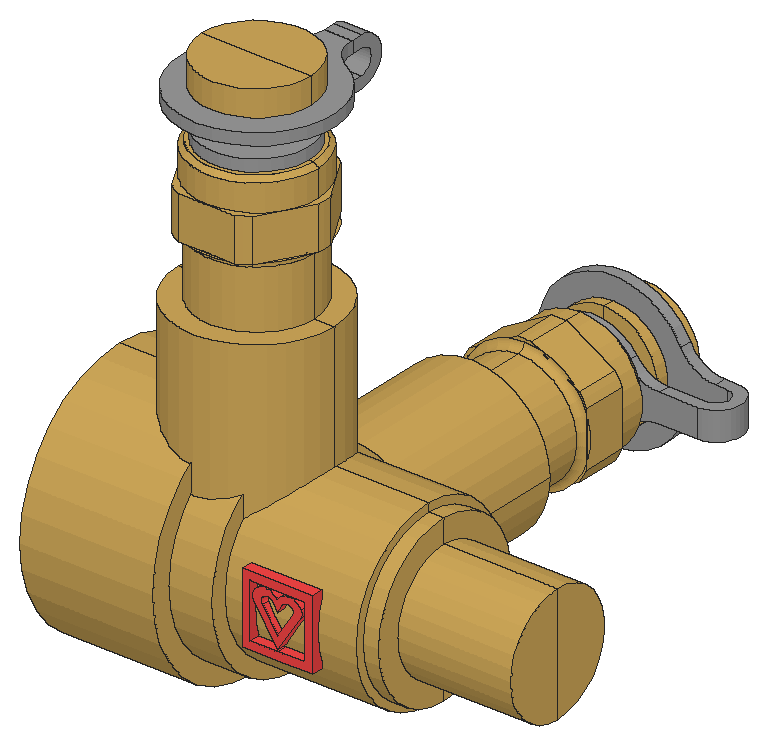
Revit family "HERZ Metering Station 4000_LF_MF", category Rohrzubehör, Revit 2019
Family settings
  Bemaßung runder Anschluss = Durchmesser verwenden
  Teiletyp = Unterbricht
  OmniClass-Nummer = 23.65.55.14
  OmniClass-Titel = Valves for Liquid Services
  Arbeitsebenenbasiert = Nein
  Immer vertikal = Ja
  Beim Laden mit Abzugskörper schneiden = Nein
  Gemeinsam genutzt = Nein
Parameters (values of type "MF")
  kvs-value [instance] = if(and(LF, Nennweite = 15.00 mm), 0.55, if(and(MF, Nennweite = 15.00 mm), 1.1, 0))  # 1.1
  URL = "www.herzvalves.com"
  SCRNSEQ = "AWI;AWI_TYP=\"1001\";02"
  SCRNCODE = "02;01;02"  # constant formula
  S03 = 10.00 mm  # constant formula
  S02 [instance] = S01 - 10.00 mm  # 17.50 mm
  S01 [instance] = H01  # 27.50 mm
  R01 [instance] = 10.00 mm  # constant formula
  Part number [instance] = if(and(LF, Nennweite = 15.00 mm), 1400011, if(and(MF, Nennweite = 15.00 mm), 1400021, 0))  # 1400021
  Nennweite [instance] = 15.00 mm  # constant formula
  Test point = "brass, CW602N"  # constant formula
  Model = "The metering station made of DZR brass has two measuring valves.\r\nAccording to EN 10226, the inlet has an internal thread Rp and the outlet an external thread R."
  Min. operating temperature = -20 °C  # constant formula
  Medium = "Water purity in accordance with the OeNORM H5195 and VDI 2035 standards.\r\nEthylene and propylene glycol can be mixed to a ratio of 25 - 50 vol. %."
  Max. operating pressure = 2000000.0 Pa  # constant formula
  Max. operating temperature (until DN32) = 130 °C  # constant formula
  Max. operating temperature (from DN40) = 110 °C  # constant formula
  MF = yes
  LO01 [instance] = 30.00 mm  # constant formula
  LF = no
  L05 [instance] = 23.00 mm  # constant formula
  L04 [instance] = 16.50 mm  # constant formula
  L03 [instance] = 22.60 mm  # constant formula
  L02 [instance] = 17.00 mm  # constant formula
  L01 [instance] = 17.50 mm  # constant formula
  L00 [instance] = 56.00 mm  # constant formula
  IG [instance] = Nennweite / 2  # 7.50 mm
  Hersteller = "HERZ Armaturen Ges.m.b.H."  # constant formula
  H01 [instance] = 27.50 mm  # constant formula
  GT1 [instance] = 14.50 mm  # constant formula
  GT [instance] = 13.00 mm  # constant formula
  D04 [instance] = D03 - 1.00 mm  # 10.50 mm
  D03 [instance] = 11.50 mm  # constant formula
  D02 [instance] = 13.50 mm  # constant formula
  D01 [instance] = 16.00 mm  # constant formula
  Body = "brass, CC770S"  # constant formula
  Application = "HERZ metering stations are installed in the circuit of water heating and cooling systems and enable the hydraulic balancing of the circuits with one another.\r\nThe metering stations can be used in the supply line as well as in the return line.\r\nThey are either installed closely connected to a HERZ commissioning valve to form a complete set or used in connection with a HERZ shutoff valve.\r\nThe circuit is adjusted by setting the commissioning valve while measuring the pressure loss on the metering station."
  AG [instance] = Nennweite / 2  # 7.50 mm
Types (3, lengths in mm): name | kvs-value | Part number | MF | LF
  (no name) | 1.1 | 1400021 | yes | no
  LF | 0.55 | 1400011 | no | yes
  MF | 1.1 | 1400021 | yes | no
Reference planes
  plane 1 "Mitte (Vorne/hinten)": y = 0
  plane 2: z = 0
  plane 3 "Mitte (Links/rechts)": x = 0
Forms (mm)
  Revolve 1, solid, material "Messing, weicher Gelbton, geschweißt", detail levels fine
    sketch origin (0, 0, 0) x (1, 0, 0) y (0, 0, 1)
      loop
        line (-4.5, 0) -> (38.5, 0) -> (38.5, 7.5) -> (24, 7.5) -> (24, 10.5) -> (22, 10.5) -> (22, 11.5) -> (5.1, 11.5) -> (5.1, 13.5) -> (-0.5, 13.5) -> (-0.5, 16) -> (-17.5, 16) -> (-17.5, 7.5) -> (-4.5, 7.5) -> (-4.5, 0)
      axis (-17.5, 0) -> (38.5, 0)
    angle from 0 to 360
  Revolve 2, solid, material "Messing, weicher Gelbton, geschweißt", detail levels fine
    sketch origin (0, 0, 0) x (1, 0, 0) y (0, 0, 1)
      loop
        line (-10, 7.5) -> (0, 7.5) -> (0, 27.5) -> (-10, 27.5) -> (-10, 7.5)
      axis (0, 27.5) -> (0, 7.5)
    angle from 0 to 360
  Revolve 3, solid, material "Messing, weicher Gelbton, geschweißt", detail levels fine
    sketch origin (0, 0, 0) x (1, 0, 0) y (0, 1, 0)
      loop
        line (5.5, 7.5) -> (15.5, 7.5) -> (15.5, 27.5) -> (5.5, 27.5) -> (5.5, 7.5)
      axis (5.5, 27.5) -> (5.5, 7.5)
    angle from 0 to 360
Lines and regions (mm)
  model lines, detail levels coarse+medium
    curve 1: line (-17.5, 0, 0) -> (0.5, 0, 0)
    curve 2: line (10.5, 0, -27.5) -> (10.5, 0, 27.5)
    curve 3: line (20.5, 0, 17.5) -> (20.5, 0, -17.5)
    curve 4: line (20.5, 0, 0) -> (38.5, 0, 0)
    curve 5: line (0.5, 0, 17.5) -> (0.5, 0, -17.5)
    curve 6: line (-17.5, 0, 0) -> (0.5, 0, 0)
    curve 7: line (10.5, 27.5, 0) -> (10.5, -27.5, 0)
    curve 8: line (0.5, 17.5, 0) -> (0.5, -17.5, 0)
    curve 9: line (20.5, 17.5, 0) -> (20.5, -17.5, 0)
    curve 10: line (20.5, 0, 0) -> (38.5, 0, 0)
Dimensions and locks
  "L00": Revolve 1 sketch curve to Revolve 1 sketch curve
  "GT": Revolve 1 sketch curve to Revolve 1 sketch curve
  "L01": plane 3 "Mitte (Links/rechts)" to Revolve 1 sketch curve
  "GT1": Revolve 1 sketch curve to Revolve 1 sketch curve
  "L02": Revolve 1 sketch curve to Revolve 1 sketch curve
  "L03": Revolve 1 sketch curve to Revolve 1 sketch curve
  "L04": Revolve 1 sketch curve to Revolve 1 sketch curve
  "AG": Revolve 1 sketch curve to plane 2
  "IG": Revolve 1 sketch curve to plane 2
  "D01": Revolve 1 sketch curve to plane 2
  "D02": Revolve 1 sketch curve to plane 2
  "D03": Revolve 1 sketch curve to plane 2
  "D04": Revolve 1 sketch curve to plane 2
  "D03": nested 1 to plane 1 "Mitte (Vorne/hinten)"
  "LO01": Revolve 1 to nested 1
  "IG": Revolve 2 sketch curve to plane 2
  "H01": Revolve 2 sketch curve to plane 2
  "R01": plane 3 "Mitte (Links/rechts)" to Revolve 2 sketch curve
  "H01": nested 2 to plane 2
  "IG": plane 1 "Mitte (Vorne/hinten)" to Revolve 3 sketch curve
  "H01": plane 1 "Mitte (Vorne/hinten)" to Revolve 3 sketch curve
  "R01": Revolve 3 sketch curve to Revolve 3 sketch curve
  "L05": Revolve 1 to Revolve 3 sketch curve  (x2)
  "H01": plane 1 "Mitte (Vorne/hinten)" to nested 3
  "L05": Revolve 1 to nested 3
  "L01": Revolve 1 to nested 2
  "S01": curve 2 to curve 4 to curve 2
  "L00": curve 1 to curve 4
  "S02": curve 3 to curve 4 to curve 3
  "S03": curve 2 to curve 3
  "S03": curve 2 to curve 5
  equal spacing: curve 4, curve 2, curve 1
  "S02": curve 5 to curve 1 to curve 5
  "L01": plane 3 "Mitte (Links/rechts)" to curve 1
  "L00": curve 6 to curve 10
  equal spacing: curve 6, curve 7, curve 10
  "S03": curve 8 to curve 7 to curve 9
  "S02": curve 9 to curve 10 to curve 9
  "S02": curve 8 to curve 6 to curve 8
  "S01": curve 7 to curve 10 to curve 7
  "L01": curve 6 to plane 3 "Mitte (Links/rechts)"
  aligned and locked: level to plane 2
Automatic sketch dimensions
  curve 4 to level = 0.00 mm
  curve 1 to level = 0.00 mm
  plane 1 "Mitte (Vorne/hinten)" to curve 10 = 0.00 mm
  plane 1 "Mitte (Vorne/hinten)" to curve 6 = 0.00 mm
  Revolve 1 sketch curve to level = 0.00 mm  (x2)
  Revolve 1 sketch curve to Revolve 1 sketch curve = 1489.03 mm
  Revolve 1 sketch curve to Revolve 1 sketch curve = 1800.648 mm
  Revolve 2 sketch curve to plane 3 "Mitte (Links/rechts)" = 0.00 mm  (x2)
  Revolve 2 sketch curve to level = 366.045 mm
  Revolve 2 sketch curve to Revolve 2 sketch curve = 2186.815 mm
  Revolve 3 sketch curve to Revolve 3 sketch curve = 0.00 mm  (x2)
Nested families
  nested 1: "Herz-Logo-vorne" at (12.5, -11.5, 0) x (0, 1, 0) z (0, 0, 1), type "Herz-Logo-vorne", detail levels fine
  nested 2: "Messstutzen_Band_Eintritt_senkrecht_(oben)" at (0, 0, 18.5), type "Messstutzen_Band_Eintritt_senkrecht_(oben)", detail levels fine
    with Schutzkappe yes, Nennweite 0.00 mm, Gewicht 0.00 kg, Bestellnummer 0
  nested 3: "Messstutzen_Band_Austritt_waagrecht" at (5.5, 18.5, 0) x (0, -1, 0) z (0, 0, 1), type "Messstutzen_Band_Austritt_waagrecht", detail levels fine
    with Schutzkappe yes, Nennweite 0.00 mm, Gewicht 0.00 kg, Bestellnummer 0
Connectors
  piping at (-4.5, 0, 0), diameter 15, driven by "Nennweite"
    settings: on Revolve 1, index 1, connector inside diameter 609.6 mm, connector length 0.00 mm, flow factor 0, pipe flow 0.0 L/s, pressure drop 0.0 Pa, fitting loss kfactor 0, connector angle 0.00°, fixture units 0, engagement length 0.00 mm, angle of deflection 0.00°, flow configuration 0, flow direction 1, fitting loss method 0, system type 29, joint type 0, gender type 0, connector reference index -1, connector utility 0, adjustable connector no, is connector primary yes, connector description ""
  piping at (38.5, 0, 0), diameter 15, driven by "Nennweite"
    settings: on Revolve 1, index 2, connector inside diameter 609.6 mm, connector length 0.00 mm, flow factor 0, pipe flow 0.0 L/s, pressure drop 0.0 Pa, fitting loss kfactor 0, connector angle 0.00°, fixture units 0, engagement length 0.00 mm, angle of deflection 0.00°, flow configuration 0, flow direction 2, fitting loss method 0, system type 29, joint type 0, gender type 0, connector reference index -1, connector utility 0, adjustable connector no, is connector primary no, connector description ""
Definition of nested family "Herz-Logo-vorne"
  Reference planes
    plane 1 "Mitte (Vorne/hinten)": y = 0
    plane 2: z = 0
    plane 3 "Mitte (Links/rechts)": x = 0
  Forms (mm)
    Extrusion 1, solid
      sketch origin (0.732, -0.018, 0.017) x (0, -1, 0) y (0, 0, 1)
        loop
          line (-0.018, -4.517) -> (4.482, -4.517) -> (4.482, 4.483) -> (-4.518, 4.483) -> (-4.518, -4.517) -> (-0.018, -4.517)
        loop
          line (-0.05, -3.48) -> (3.482, -3.48) -> (3.482, 3.483) -> (-3.518, 3.483) -> (-3.518, -3.48) -> (-0.05, -3.48)
        loop
          arc (-0.018, 2.383) -> (-1.543, 3.287) -> (-3.067, 2.383) r 1.738
          arc (-3.067, 2.383) -> (-3.191, 1.899) -> (-3.067, 1.415) r 1.009
          line (-3.067, 1.415) -> (-0.018, -3.281) -> (3.032, 1.415)
          arc (3.032, 1.415) -> (3.156, 1.899) -> (3.032, 2.383) r 1.009
          arc (3.032, 2.383) -> (1.507, 3.287) -> (-0.018, 2.383) r 1.738
        loop
          arc (1.885, 1.272) -> (2.005, 1.675) -> (1.885, 2.079) r 0.74
          arc (1.885, 2.079) -> (1.265, 2.416) -> (0.644, 2.079) r 0.74
          line (0.644, 2.079) -> (-0.018, 0.97) -> (-0.679, 2.079)
          arc (-0.679, 2.079) -> (-1.3, 2.416) -> (-1.921, 2.079) r 0.74
          arc (-1.921, 2.079) -> (-2.04, 1.675) -> (-1.921, 1.272) r 0.74
          line (-1.921, 1.272) -> (-0.018, -1.658) -> (1.885, 1.272)
      from 0 to 1.5
  Dimensions and locks
    aligned and locked: level to plane 2
Definition of nested family "Messstutzen_Band_Eintritt_senkrecht_(oben)"
  Parameters (values of type "Messstutzen_Band_Eintritt_senkrecht_(oben)")
    URL = "www.herz-armaturen.at"
    Schutzkappe [instance] = yes
    Nennweite [instance] = 0.00 mm
    Manufacturer = "Herz Armaturen GmbH"  # constant formula
    Gewicht [instance] = 0.00 kg
    Bestellnummer [instance] = 0
  Reference planes
    plane 1 "Mitte (Vorne/hinten)": y = 0
    plane 2: z = 0
    plane 3 "Mitte (Links/rechts)": x = 0
    plane 4 "Schlaufe 1": z = -27
    plane 5 "Schlaufe 2": z = -31.678
  Forms (mm)
    Revolve 1, solid, detail levels fine
      sketch origin (0, 0, 0) x (1, 0, 0) y (0, 0, 1)
        loop
          line (-7.4, 9) -> (-5.55, 9) -> (-5.55, 6)
          arc (-5.55, 6) -> (-5.626, 5.617) -> (-5.843, 5.293) r 1
          line (-5.843, 5.293) -> (-6.455, 4.681) -> (-6.455, 0.9) -> (-5.555, 0) -> (-2, 0) -> (-2, 17.5) -> (-8.4, 17.5)
          arc (-8.4, 17.5) -> (-7.693, 17.207) -> (-7.4, 16.5) r 1
          line (-7.4, 16.5) -> (-7.4, 9)
        loop
          line (-3.7, 27) -> (-7.3, 27) -> (-7.9, 26.4) -> (-7.9, 23) -> (-2, 23) -> (-2, 35.8) -> (-3.805, 35.8) -> (-4.415, 35.19) -> (-4.415, 30.863) -> (-3.7, 30.45) -> (-3.7, 27)
        axis (0, 0) -> (0, 35.8)
      angle from 0 to 360
    Extrusion 2, solid, detail levels fine
      sketch origin (0, 0, 17.5) x (0, 1, 0) y (-1, 0, 0)
        loop
          arc (-7.07, 5.156) -> (-7.578, 4.375) -> (-8, 3.544) r 8.75
          line (-8, 3.544) -> (-8, -3.544)
          arc (-8, -3.544) -> (-7.578, -4.375) -> (-7.07, -5.156) r 8.75
          line (-7.07, -5.156) -> (-0.93, -8.7)
          arc (-0.93, -8.7) -> (0, -8.75) -> (0.93, -8.7) r 8.75
          line (0.93, -8.7) -> (7.07, -5.156)
          arc (7.07, -5.156) -> (7.578, -4.375) -> (8, -3.544) r 8.75
          line (8, -3.544) -> (8, 3.544)
          arc (8, 3.544) -> (7.578, 4.375) -> (7.07, 5.156) r 8.75
          line (7.07, 5.156) -> (0.93, 8.7)
          arc (0.93, 8.7) -> (0, 8.75) -> (-0.93, 8.7) r 8.75
          line (-0.93, 8.7) -> (-7.07, 5.156)
      from 0 to 5.5
    Revolve 3, solid, visible <- "Schutzkappe", detail levels fine
      sketch origin (0, 0, 0) x (1, 0, 0) y (0, 0, 1)
        loop
          line (0, 35.878) -> (0, 36.678) -> (-7, 36.678) -> (-7, 33.378) -> (-6.1, 33.378) -> (-6.1, 31.678) -> (-6.9, 31.678) -> (-6.9, 30.178) -> (-4.415, 30.178) -> (-4.415, 35.268) -> (-3.805, 35.878) -> (0, 35.878)
        axis (0, 30.178) -> (0, 36.678)
      angle from 0 to 360
    Extrusion 4, solid, detail levels fine
      sketch origin (0, 0, 28.5) x (1, 0, 0) y (0, 1, 0)
        loop
          circle (0, 0) r 3.7
        loop
          arc (-3.906, 5.505) -> (0, -6.75) -> (3.906, 5.505) r 6.75
          arc (3.906, 5.505) -> (2.358, 7.288) -> (1.8, 9.582) r 5
          line (1.8, 9.582) -> (-1.8, 9.582)
          arc (-1.8, 9.582) -> (-2.358, 7.288) -> (-3.906, 5.505) r 5
      from 0 to -1.5
    Extrusion 5, solid, detail levels fine
      sketch origin (0, 0, 33.178) x (1, 0, 0) y (0, 1, 0)
        loop
          circle (0, 0) r 6.1
        loop
          arc (-4.495, 8.652) -> (0, -9.75) -> (4.495, 8.652) r 9.75
          arc (4.495, 8.652) -> (2.527, 10.493) -> (1.8, 13.089) r 5
          line (1.8, 13.089) -> (-1.8, 13.089)
          arc (-1.8, 13.089) -> (-2.527, 10.493) -> (-4.495, 8.652) r 5
      from 0 to -1.5
    Sweep 6, solid, detail levels fine
      path origin (0, 0, 0) x (0, 0, -1) y (0, -1, 0)
        loop
          line (-27.75, -9.582) -> (-27.75, -14.522)
          arc (-27.75, -14.522) -> (-30.089, -16.862) -> (-32.428, -14.522) r 2.339
          line (-32.428, -14.522) -> (-32.428, -13.089)
      profile origin (0, 12.052, 27.75) x (0, 0, 1) y (1, 0, 0)
        loop
          line (-0.75, -1.8) -> (0.75, -1.8) -> (0.75, 1.8) -> (-0.75, 1.8) -> (-0.75, -1.8)
  Dimensions and locks
    aligned and locked: level to plane 2
Definition of nested family "Messstutzen_Band_Austritt_waagrecht"
  Parameters (values of type "Messstutzen_Band_Austritt_waagrecht")
    URL = "www.herz-armaturen.at"
    Schutzkappe [instance] = yes
    Nennweite [instance] = 0.00 mm
    Manufacturer = "Herz Armaturen GmbH"  # constant formula
    Gewicht [instance] = 0.00 kg
    Bestellnummer [instance] = 0
  Reference planes
    plane 1 "Mitte (Vorne/hinten)": y = 0
    plane 2: z = 0
    plane 3 "Mitte (Links/rechts)": x = 0
  Forms (mm)
    Revolve 1, solid, detail levels fine
      sketch origin (0, 0, 0) x (0, 0, -1) y (1, 0, 0)
        loop
          line (-7.4, -9) -> (-7.4, -16.5)
          arc (-7.4, -16.5) -> (-7.693, -17.207) -> (-8.4, -17.5) r 1
          line (-8.4, -17.5) -> (-2, -17.5) -> (-2, 0) -> (-5.555, 0) -> (-6.455, -0.9) -> (-6.455, -4.681) -> (-5.843, -5.293)
          arc (-5.843, -5.293) -> (-5.626, -5.617) -> (-5.55, -6) r 1
          line (-5.55, -6) -> (-5.55, -9) -> (-7.4, -9)
        loop
          line (-3.7, -27) -> (-3.7, -30.45) -> (-4.415, -30.863) -> (-4.415, -35.19) -> (-3.805, -35.8) -> (-2, -35.8) -> (-2, -23) -> (-7.9, -23) -> (-7.9, -26.4) -> (-7.3, -27) -> (-3.7, -27)
        axis (0, 0) -> (0, -35.8)
      angle from 0 to 360
    Extrusion 2, solid, detail levels fine
      sketch origin (-17.5, 0, 0) x (0, 0, 1) y (0, 1, 0)
        loop
          line (5.156, -7.07) -> (8.7, -0.93)
          arc (8.7, -0.93) -> (8.75, 0) -> (8.7, 0.93) r 8.75
          line (8.7, 0.93) -> (5.156, 7.07)
          arc (5.156, 7.07) -> (4.375, 7.578) -> (3.544, 8) r 8.75
          line (3.544, 8) -> (-3.544, 8)
          arc (-3.544, 8) -> (-4.375, 7.578) -> (-5.156, 7.07) r 8.75
          line (-5.156, 7.07) -> (-8.7, 0.93)
          arc (-8.7, 0.93) -> (-8.75, 0) -> (-8.7, -0.93) r 8.75
          line (-8.7, -0.93) -> (-5.156, -7.07)
          arc (-5.156, -7.07) -> (-4.375, -7.578) -> (-3.544, -8) r 8.75
          line (-3.544, -8) -> (3.544, -8)
          arc (3.544, -8) -> (4.375, -7.578) -> (5.156, -7.07) r 8.75
      from 0 to 5.5
    Revolve 3, solid, visible <- "Schutzkappe", detail levels fine
      sketch origin (0, 0, 0) x (0, 0, -1) y (1, 0, 0)
        loop
          line (0, -35.878) -> (-3.805, -35.878) -> (-4.415, -35.268) -> (-4.415, -30.178) -> (-6.9, -30.178) -> (-6.9, -31.678) -> (-6.1, -31.678) -> (-6.1, -33.378) -> (-7, -33.378) -> (-7, -36.678) -> (0, -36.678) -> (0, -35.878)
        axis (0, -30.178) -> (0, -36.678)
      angle from 0 to 360
    Extrusion 4, solid, detail levels fine
      sketch origin (-27, 0, 0) x (0, 1, 0) y (0, 0, 1)
        loop
          circle (0, 0) r 3.7
        loop
          arc (5.505, 3.906) -> (-6.75, 0) -> (5.505, -3.906) r 6.75
          arc (5.505, -3.906) -> (7.288, -2.358) -> (9.582, -1.8) r 5
          line (9.582, -1.8) -> (9.582, 1.8)
          arc (9.582, 1.8) -> (7.288, 2.358) -> (5.505, 3.906) r 5
      from 0 to -1.5
    Extrusion 5, solid, detail levels fine
      sketch origin (-31.678, 0, 0) x (0, 1, 0) y (0, 0, 1)
        loop
          circle (0, 0) r 6.1
        loop
          arc (8.652, 4.495) -> (-9.75, 0) -> (8.652, -4.495) r 9.75
          arc (8.652, -4.495) -> (10.493, -2.527) -> (13.089, -1.8) r 5
          line (13.089, -1.8) -> (13.089, 1.8)
          arc (13.089, 1.8) -> (10.493, 2.527) -> (8.652, 4.495) r 5
      from 0 to -1.5
    Sweep 6, solid, detail levels fine
      path origin (0, 0, 0) x (0, -1, 0) y (1, 0, 0)
        loop
          line (-9.582, -27.75) -> (-14.522, -27.75)
          arc (-14.522, -27.75) -> (-16.862, -30.089) -> (-14.522, -32.428) r 2.339
          line (-14.522, -32.428) -> (-13.089, -32.428)
      profile origin (-27.75, 12.052, 0) x (-1, 0, 0) y (0, 0, 1)
        loop
          line (-0.75, 1.8) -> (-0.75, -1.8) -> (0.75, -1.8) -> (0.75, 1.8) -> (-0.75, 1.8)
  Cuts and joins
    joined: Extrusion 4, Extrusion 5, Sweep 6
  Dimensions and locks
    aligned and locked: level to plane 2
